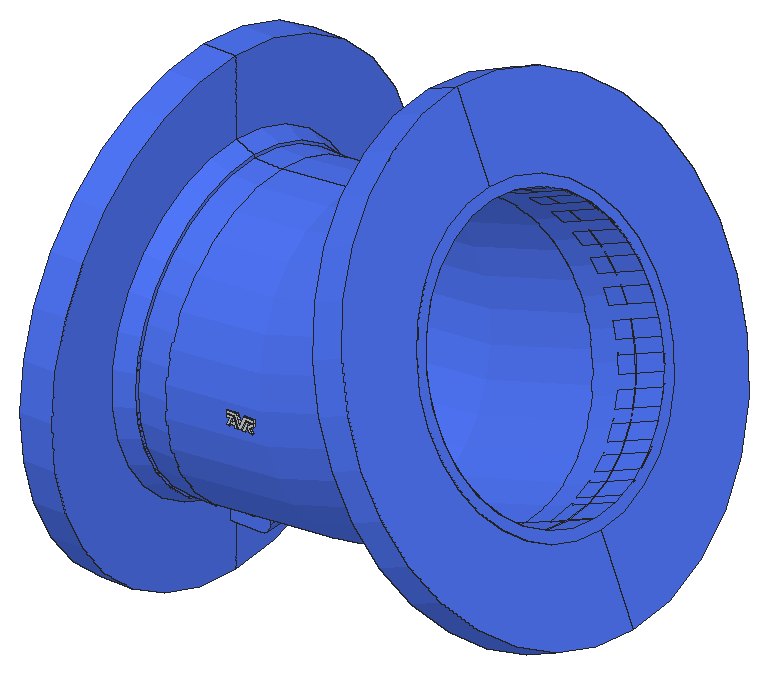
Revit family "712-0220-001-DN200", category Pipe Fittings, Revit 2019
Family settings
  Round Connector Dimension = Use Diameter
  Part Type = Elbow
  Work Plane-Based = No
  Always vertical = Yes
  Cut with Voids When Loaded = No
  Shared = No
Parameters (values of type "DN200_PN10/16")
  Rf_Dia = 133 mm
  RF_Thick = 4 mm
  L_Ref = 110 mm
  L = 131 mm  # constant formula
  ID(Radius) = [Nominal Diameter(DN)] / 2  # 100 mm
  Flange_thickness = 23 mm
  Nominal Diameter(DN) = 200 mm
  FOD = 170 mm
  URL product pages = "https://www.avkvalves.com/P.aspx?no=712020002200"
  Description_ = "AVK FLANGED BEND 22.5° W/LOOSE FLANGES"
  DN200_PN16 = "712-0200-02-201"
  DN200_PN10/16 = yes
  DN200_PN10 = "712-0200-02-200"
  Body_wallthickness = 15 mm + [Nominal Diameter(DN)]  # 215 mm
  A = 22.50°  # constant formula
Reference planes
  plane 1 "Center (Front/Back)": y = 0
  plane 2: z = 0
  plane 3 "Center (Left/Right)": x = 0
  plane 4: z = 390
  plane 5: x = 131
  plane 6: through (119.819, -1524, 26.992) normal (0.9239, 0, 0.3827)
  plane 7: through (240.848, -1524, 77.124) normal (0.9239, 0, 0.3827)
  plane 8: through (131, -1524, 0) normal (-0.3827, 0, 0.9239)
  plane 9: x = 45.975
  plane 10: z = -127.975
Forms (mm)
  Sweep 1, solid, material "Plastic"
    path origin (0, 0, 0) x (1, 0, 0) y (0, 0, -1)
      loop
        line (0, 0) -> (57.402, 0)
        arc (57.402, 0) -> (129.586, -7.109) -> (198.995, -28.165) r 370
        line (198.995, -28.165) -> (252.028, -50.132)
    profile origin (28.701, 0, 0) x (0, 0, 1) y (0, -1, 0)
      loop
        circle (0, 0) r 100
      loop
        circle (0, 0) r 107.5
  Revolve 2, solid, material "Plastic"
    sketch origin (0, 0, 0) x (1, 0, 0) y (0, 0, -1)
      loop
        line (0, 100) -> (23, 100) -> (23, 170) -> (0, 170) -> (0, 100)
      axis (0, 0) -> (23, 0)
    angle from 0 to 360
  Revolve 3, solid, material "Plastic"
    sketch origin (0, 0, 0) x (1, 0, 0) y (0, 0, -1)
      loop
        line (290.297, 42.256) -> (317.084, 106.928) -> (295.835, 115.73) -> (269.047, 51.058) -> (290.297, 42.256)
      axis (230.779, -41.33) -> (252.028, -50.132)
    angle from 0 to 360
  Revolve 4, solid, material "Plastic"
    sketch origin (0, 0, 0) x (1, 0, 0) y (0, 0, -1)
      loop
        line (23, 100) -> (36.858, 100) -> (36.858, 109.26) -> (23, 115) -> (23, 100)
      axis (23, 0) -> (36.858, 0)
    angle from 0 to 360
  Revolve 5, solid, material "Plastic"
    sketch origin (0, 0, 0) x (1, 0, 0) y (0, 0, -1)
      loop
        line (269.047, 51.058) -> (274.788, 64.916) -> (259.788, 64.916) -> (256.244, 56.361) -> (269.047, 51.058)
      axis (217.976, -36.027) -> (230.779, -41.33)
    angle from 0 to 360
  Extrusion 6, solid, material "Plastic"
    sketch origin (0, 0, 0) x (1, 0, 0) y (0, 0, 1)
      loop
        line (23, -100) -> (23, -135) -> (45.975, -135)
        arc (45.975, -135) -> (50.943, -132.943) -> (53, -127.975) r 7.025
        line (53, -127.975) -> (53, -100) -> (23, -100)
      loop
        circle (38.159, -120.54) r 6.844
    from -4.785 to 4.785
Dimensions and locks
  "L": plane 5 to plane 3 "Center (Left/Right)"
  "L": plane 6 to plane 7
  "Flange_thickness": Revolve 2 sketch curve to Sweep 1
  "ID(Radius)": Revolve 3 sketch curve to plane 8
  "FOD": Revolve 3 sketch curve to plane 8
  "Flange_thickness": Sweep 1 to Revolve 3 sketch curve
  locked: Revolve 2 to Revolve 4 sketch curve at 13.858
  locked: Revolve 4 sketch curve to Revolve 4 sketch curve at 15
  Revolve 5 sketch curve to Revolve 3 = 13.858 mm
  Revolve 5 sketch curve to Revolve 5 sketch curve = 15 mm
  Revolve 5 sketch curve to Revolve 5 sketch curve = 9.26 mm
  Revolve 5 sketch curve to plane 8 = 100 mm
  locked: level to Extrusion 6 sketch curve at 100
  locked: level to Extrusion 6 sketch curve at 135
  locked: Extrusion 6 sketch curve to Revolve 2 at 53
  equal spacing: Extrusion 6, plane 1 "Center (Front/Back)", Extrusion 6
  locked: Extrusion 6 to Extrusion 6 at 9.571
  "ID(Radius)": radius of Sweep 1 sketch curve
  "Body_wallthickness": diameter of Sweep 1 sketch curve
  "A": angle plane 5 to plane 6
  aligned and locked: level to plane 2
  aligned and locked: Sweep 1 sketch curve to plane 3 "Center (Left/Right)"
  aligned and locked: plane 7 to Sweep 1 sketch curve
  aligned and locked: Revolve 2 sketch curve to Sweep 1
  aligned and locked: plane 8 to Revolve 3 sketch curve
  aligned and locked: Revolve 4 sketch curve to Revolve 2
  aligned and locked: plane 8 to Revolve 5 sketch curve
  aligned and locked: plane 10 to Extrusion 6 sketch curve
  aligned and locked: plane 9 to Extrusion 6 sketch curve
Automatic sketch dimensions
  Sweep 1 sketch curve to plane 8 = 0 mm  (x2)
  Sweep 1 sketch curve to plane 3 "Center (Left/Right)" = 57.402 mm
  Sweep 1 sketch curve to Sweep 1 sketch curve = 53.033 mm
  Sweep 1 sketch curve to Sweep 1 sketch curve = 341.835 mm
  Revolve 4 sketch curve to Revolve 4 sketch curve = 13.858 mm
  plane 4 to Revolve 4 sketch curve = 490 mm
  Revolve 4 sketch curve to Revolve 4 sketch curve = 9.26 mm
  plane 3 "Center (Left/Right)" to Revolve 4 sketch curve = 17 mm
  Revolve 4 sketch curve to Revolve 4 sketch curve = 100 mm
  Revolve 5 sketch curve to plane 7 = 0 mm
  Revolve 5 sketch curve to Revolve 5 sketch curve = 25.869 mm
  Revolve 4 sketch curve to plane 5 = 58 mm
  Extrusion 6 sketch curve to Extrusion 6 sketch curve = 15.159 mm
  Extrusion 6 sketch curve to Extrusion 6 sketch curve = 7.816 mm
  Extrusion 6 sketch curve to Extrusion 6 sketch curve = 7.436 mm
  Sweep 1 sketch curve to Sweep 1 sketch curve = 0 mm  (x2)
  Sweep 1 sketch curve to plane 1 "Center (Front/Back)" = 0 mm
  profile plane to Sweep 1 sketch curve = 0 mm
  Revolve 2 sketch curve to level = 0 mm
  level to Revolve 2 sketch curve = 100 mm
  Revolve 2 sketch curve to Revolve 2 sketch curve = 70 mm
  plane 3 "Center (Left/Right)" to Revolve 2 sketch curve = 15 mm
  Revolve 2 sketch curve to plane 3 "Center (Left/Right)" = 10 mm
  Revolve 3 sketch curve to plane 7 = 0 mm
  plane 7 to Revolve 3 sketch curve = 0 mm
  Revolve 3 sketch curve to level = 41.33 mm
  radius of Extrusion 6 sketch curve = 6.844 mm
Nested families
  nested 1: "Latest New" at (113.475, -107.477, 2.03) x (1, 0.0031, 0.0004) z (0.0031, -0.9998, -0.0204), type "Latest New"
Connectors
  piping at (252.028, 0, 50.132), diameter 200, driven by "Nominal Diameter(DN)"
    settings: on Revolve 3, index 1, connector inside diameter 609.6 mm, connector length 0 mm, flow factor 0, pipe flow 0.0 L/s, pressure drop 0.0 Pa, fitting loss kfactor 0, connector angle 0.00°, fixture units 0, engagement length 0 mm, angle of deflection 0.00°, flow configuration 0, flow direction 0, fitting loss method 0, system type 7, joint type 0, gender type 0, connector reference index -1, connector utility 0, adjustable connector no, is connector primary yes, connector description ""
  piping at (0, 0, 0), diameter 200, driven by "Nominal Diameter(DN)"
    settings: on Revolve 2, index 2, connector inside diameter 609.6 mm, connector length 0 mm, flow factor 0, pipe flow 0.0 L/s, pressure drop 0.0 Pa, fitting loss kfactor 0, connector angle 0.00°, fixture units 0, engagement length 0 mm, angle of deflection 0.00°, flow configuration 0, flow direction 0, fitting loss method 0, system type 7, joint type 0, gender type 0, connector reference index -1, connector utility 0, adjustable connector no, is connector primary no, connector description ""
Definition of nested family "Latest New"
  Parameters
    Default Elevation = 1219.2 mm
  Reference planes
    plane 1 "Center (Front/Back)": y = 0
    plane 2: z = 0
    plane 3 "Center (Left/Right)": x = 0
  Forms (mm)
    Extrusion 1, solid
      sketch origin (0, 0, 0) x (1, 0, 0) y (0, 1, 0)
        loop
          line (-1219.2, 1219.2) -> (-1219.2, -1219.2) -> (1219.2, -1219.2) -> (1219.2, 1219.2) -> (-1219.2, 1219.2)
      from 0 to -304.8
    Extrusion 2, solid
      sketch origin (0, 0, 0) x (1, 0, 0) y (0, 1, 0)
        loop
          line (-2.683, 9.413) -> (-9.884, 9.413) -> (-9.884, 7.46) -> (-4.022, 7.46) -> (-0.985, 0) -> (0.985, 0) -> (4.022, 7.46) -> (9.884, 7.46) -> (9.884, 9.413) -> (2.683, 9.413) -> (0, 2.824) -> (-2.683, 9.413)
        loop
          line (-4.528, 6.707) -> (-9.884, 6.707) -> (-9.884, 4.824) -> (-8.032, 4.824) -> (-9.884, 0) -> (-7.792, 0) -> (-7.394, 1.035) -> (-4.328, 1.035) -> (-3.907, 0) -> (-1.798, 0) -> (-4.528, 6.707)
        loop
          line (-6.91, 2.824) -> (-5.056, 2.824) -> (-6.01, 5.167) -> (-6.91, 2.824)
        loop
          line (1.798, 0) -> (3.907, 0) -> (4.98, 2.637) -> (6.968, 0) -> (9.413, 0) -> (7.166, 2.983)
          arc (7.166, 2.983) -> (8.216, 3.774) -> (9.007, 4.824) r 4.724
          line (9.007, 4.824) -> (9.884, 4.824) -> (9.884, 6.707) -> (8.001, 6.707)
          arc (8.001, 6.707) -> (7.315, 5.008) -> (5.642, 4.261) r 2.448
          line (5.642, 4.261) -> (6.637, 6.707) -> (4.528, 6.707) -> (1.798, 0)
      from 0 to 1
  Dimensions and locks
    aligned and locked: plane 2 to Extrusion 1
    aligned and locked: level to Extrusion 1
    aligned and locked: Extrusion 2 sketch curve to import instance  (x30)
